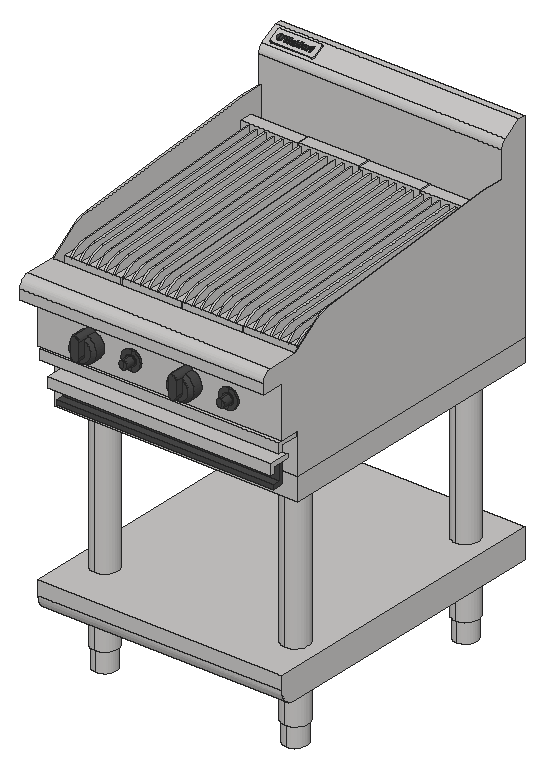
Revit family "QF_MOFFAT WALDORF_CH8600G-LS", category Specialty Equipment, Revit 2012
Parameters
  Weight in Pounds = 0
  URL Cutsheet = "www.moffat.com"
  URL = "www.moffat.com"
  Type Mark [instance] = ""
  Status [instance] = ""
  Specification by User [instance] = ""
  Specification by Manufacturer = ""
  Show Logo [instance] = yes
  Serial Number = ""
  Seismic Rating = ""
  SMACNA No = ""
  Revision Code [instance] = ""
  Omniclass Number and Title = ""
  NAFEM Spec ID Number = ""
  Model = "CH8600G-LS"
  Mechanical Remarks [instance] = ""
  Mechanical Connection Type [instance] = ""
  Masterspec = ""
  Manufacturer = "MOFFAT WALDORF"
  Item Number [instance] = ""
  Installed By [instance] = ""
  Identify Quantity as Lot [instance] = yes
  Gas Size = 3/4"
  Gas RI Height [instance] = 0 mm
  Gas KW [instance] = 18.3
  Gas Input [instance] = 62556.0 Btu/h
  Gas Connection Height = 0 mm
  Furnished By [instance] = ""
  Foodservice Equipment Identifier [instance] = yes
  Description = "CHARGRILL ON LEG STAND"
  CSI MasterFormat = ""
  CSI Master Format = ""
  Body Finish = QF_Finishes_Stainless Steel
Reference planes
  plane 1 "BACK": y = 0
  plane 2: z = 0
  plane 3 "LEFT": x = 0
  plane 4 "RIGHT": x = 600
  plane 5 "FRONT": y = -805
  plane 6 "TOP": z = 1130
  plane 7 "Center Y": x = 300
  plane 8 "Center X": y = -402.5
Forms (mm)
  Extrusion 1, solid, material "QF_Finishes_Stainless Steel" <- "Body Finish"
    sketch origin (0, 0, 0) x (0, 1, 0) y (0, 0, 1)
      loop
        line (0, 222.5) -> (-749, 222.5) -> (-749, 188)
        arc (-749, 188) -> (-737.87, 161.13) -> (-711, 150) r 38
        line (-711, 150) -> (0, 150) -> (0, 222.5)
      loop
        line (-805, 891) -> (-805, 866) -> (-749, 866) -> (-749, 740) -> (-699, 740) -> (-699, 640) -> (0, 640) -> (0, 1130) -> (-16.5, 1130) -> (-58.709, 1105.631)
        arc (-58.709, 1105.631) -> (-66.975, 1097.365) -> (-70, 1086.074) r 22.582
        line (-70, 1086.074) -> (-70, 875) -> (-705, 875) -> (-705, 915) -> (-781, 915)
        arc (-781, 915) -> (-797.971, 907.971) -> (-805, 891) r 24
      loop
        line (0, 585) -> (0, 639.206) -> (-699, 639.206) -> (-699, 585) -> (0, 585)
    from 0 to 600
  Revolve 2, solid, material "QF_Finishes_Stainless Steel" <- "Body Finish"
    sketch origin (535, -735, 0) x (0, 1, 0) y (0, 0, -1)
      loop
        line (78.25, -150) -> (110, -150) -> (110, 0) -> (82.5, 0) -> (82.5, -50) -> (78.25, -50) -> (78.25, -150)
      loop
        line (78.25, -222.5) -> (78.25, -585) -> (110, -585) -> (110, -222.5) -> (78.25, -222.5)
      axis (110, -585) -> (110, 0)
    angle from 0 to 360
  Revolve 3, solid, material "QF_Finishes_Stainless Steel" <- "Body Finish"
    sketch origin (535, -210, 0) x (0, 1, 0) y (0, 0, -1)
      loop
        line (78.25, -150) -> (110, -150) -> (110, 0) -> (82.5, 0) -> (82.5, -50) -> (78.25, -50) -> (78.25, -150)
      loop
        line (78.25, -222.5) -> (78.25, -585) -> (110, -585) -> (110, -222.5) -> (78.25, -222.5)
      axis (110, -585) -> (110, 0)
    angle from 0 to 360
  Revolve 4, solid, material "QF_Finishes_Stainless Steel" <- "Body Finish"
    sketch origin (65, -735, 0) x (0, 1, 0) y (0, 0, 1)
      loop
        line (78.25, 150) -> (78.25, 50) -> (82.5, 50) -> (82.5, 0) -> (110, 0) -> (110, 150) -> (78.25, 150)
      loop
        line (78.25, 222.5) -> (110, 222.5) -> (110, 585) -> (78.25, 585) -> (78.25, 222.5)
      axis (110, 585) -> (110, 0)
    angle from 0 to 360
  Revolve 5, solid, material "QF_Finishes_Stainless Steel" <- "Body Finish"
    sketch origin (65, -210, 0) x (0, 1, 0) y (0, 0, 1)
      loop
        line (78.25, 150) -> (78.25, 50) -> (82.5, 50) -> (82.5, 0) -> (110, 0) -> (110, 150) -> (78.25, 150)
      loop
        line (78.25, 222.5) -> (110, 222.5) -> (110, 585) -> (78.25, 585) -> (78.25, 222.5)
      axis (110, 585) -> (110, 0)
    angle from 0 to 360
  Extrusion 6, solid, material "QF_Finishes_Stainless Steel" <- "Body Finish"
    sketch origin (0, 0, 0) x (0, 1, 0) y (0, 0, 1)
      loop
        line (-121.455, 1019.2) -> (-600.057, 973.116)
        arc (-600.057, 973.116) -> (-620.977, 968.81) -> (-640.506, 960.159) r 100
        line (-640.506, 960.159) -> (-705, 915) -> (-705, 875) -> (-70, 875) -> (-70, 1019.2) -> (-121.455, 1019.2)
    from 0 to 4.5
  Extrusion 7, solid, material "QF_Finishes_Stainless Steel" <- "Body Finish"
    sketch origin (600, 0, 0) x (0, 1, 0) y (0, 0, -1)
      loop
        line (-121.455, -1019.2) -> (-70, -1019.2) -> (-70, -875) -> (-705, -875) -> (-705, -915) -> (-640.506, -960.159)
        arc (-640.506, -960.159) -> (-620.977, -968.81) -> (-600.057, -973.116) r 100
        line (-600.057, -973.116) -> (-121.455, -1019.2)
    from 0 to 3
  Revolve 8, solid, material "QF_Finishes_Black"
    sketch origin (138.112, 0, 0) x (0, 1, 0) y (0, 0, 1)
      loop
        line (-782, 829.5) -> (-793, 823.651) -> (-793, 797) -> (-749, 797) -> (-749, 802) -> (-759, 802) -> (-759, 829.5) -> (-782, 829.5)
      axis (-793, 797) -> (-749, 797)
    angle from 0 to 360
  Extrusion 9, solid, material "QF_Finishes_Black"
    sketch origin (0, 0, 0) x (1, 0, 0) y (0, 0, 1)
      loop
        line (148.3, 789) -> (148.3, 824)
        arc (148.3, 824) -> (138.3, 834) -> (128.3, 824) r 10
        line (128.3, 824) -> (128.3, 789)
        arc (128.3, 789) -> (138.3, 779) -> (148.3, 789) r 10
    from 759 to 808
  Revolve 10, solid, material "QF_Finishes_Black"
    sketch origin (378.544, 0, 0) x (0, 1, 0) y (0, 0, -1)
      loop
        line (-782, -829.5) -> (-759, -829.5) -> (-759, -802) -> (-749, -802) -> (-749, -797) -> (-793, -797) -> (-793, -823.651) -> (-782, -829.5)
      axis (-793, -797) -> (-749, -797)
    angle from 0 to 360
  Extrusion 11, solid, material "QF_Finishes_Black"
    sketch origin (516.656, 0, 0) x (-1, 0, 0) y (0, 0, -1)
      loop
        arc (148.3, -789) -> (138.3, -779) -> (128.3, -789) r 10
        line (128.3, -789) -> (128.3, -824)
        arc (128.3, -824) -> (138.3, -834) -> (148.3, -824) r 10
        line (148.3, -824) -> (148.3, -789)
    from 759 to 808
  Revolve 12, solid, material "QF_Finishes_Black"
    sketch origin (238.3, 0, 0) x (0, 1, 0) y (0, 0, 1)
      loop
        line (-759, 802) -> (-759, 821) -> (-761.705, 821) -> (-761.705, 809.85) -> (-762.85, 809.85) -> (-762.85, 806.825) -> (-784.88, 806.825) -> (-784.88, 797) -> (-749, 797) -> (-749, 802) -> (-759, 802)
      axis (-749, 797) -> (-784.88, 797)
    angle from 0 to 360
  Revolve 13, solid, material "QF_Finishes_Black"
    sketch origin (478.3, 0, 0) x (0, 1, 0) y (0, 0, 1)
      loop
        line (-759, 802) -> (-759, 821) -> (-761.705, 821) -> (-761.705, 809.85) -> (-762.85, 809.85) -> (-762.85, 806.825) -> (-784.88, 806.825) -> (-784.88, 797) -> (-749, 797) -> (-749, 802) -> (-759, 802)
      axis (-749, 797) -> (-784.88, 797)
    angle from 0 to 360
  Extrusion 14, solid, material "QF_Finishes_Stainless Steel"
    sketch origin (276, 0, 0) x (0, 1, 0) y (0, 0, 1)
      loop
        line (-132, 910.364) -> (-132, 962.849) -> (-630.852, 932.53)
        arc (-630.852, 932.53) -> (-656.098, 925.97) -> (-677, 910.364) r 67.81
        line (-677, 910.364) -> (-132, 910.364)
    from 0 to 4.5
  Extrusion 15, solid, material "QF_Finishes_Stainless Steel"
    sketch origin (255, 0, 0) x (0, 1, 0) y (0, 0, 1)
      loop
        line (-132, 910.364) -> (-132, 962.849) -> (-630.852, 932.53)
        arc (-630.852, 932.53) -> (-656.098, 925.97) -> (-677, 910.364) r 67.81
        line (-677, 910.364) -> (-132, 910.364)
    from 0 to 4.5
  Extrusion 16, solid, material "QF_Finishes_Stainless Steel"
    sketch origin (234, 0, 0) x (0, 1, 0) y (0, 0, 1)
      loop
        line (-132, 910.364) -> (-132, 962.849) -> (-630.852, 932.53)
        arc (-630.852, 932.53) -> (-656.098, 925.97) -> (-677, 910.364) r 67.81
        line (-677, 910.364) -> (-132, 910.364)
    from 0 to 4.5
  Extrusion 17, solid, material "QF_Finishes_Stainless Steel"
    sketch origin (213, 0, 0) x (0, 1, 0) y (0, 0, 1)
      loop
        line (-132, 910.364) -> (-132, 962.849) -> (-630.852, 932.53)
        arc (-630.852, 932.53) -> (-656.098, 925.97) -> (-677, 910.364) r 67.81
        line (-677, 910.364) -> (-132, 910.364)
    from 0 to 4.5
  Extrusion 18, solid, material "QF_Finishes_Stainless Steel"
    sketch origin (192, 0, 0) x (0, 1, 0) y (0, 0, 1)
      loop
        line (-132, 910.364) -> (-132, 962.849) -> (-630.852, 932.53)
        arc (-630.852, 932.53) -> (-656.098, 925.97) -> (-677, 910.364) r 67.81
        line (-677, 910.364) -> (-132, 910.364)
    from 0 to 4.5
  Extrusion 19, solid, material "QF_Finishes_Stainless Steel"
    sketch origin (171, 0, 0) x (0, 1, 0) y (0, 0, 1)
      loop
        line (-132, 910.364) -> (-132, 962.849) -> (-630.852, 932.53)
        arc (-630.852, 932.53) -> (-656.098, 925.97) -> (-677, 910.364) r 67.81
        line (-677, 910.364) -> (-132, 910.364)
    from 0 to 4.5
  Extrusion 20, solid, material "QF_Finishes_Stainless Steel"
    sketch origin (150, 0, 0) x (0, 1, 0) y (0, 0, 1)
      loop
        line (-132, 910.364) -> (-132, 962.849) -> (-630.852, 932.53)
        arc (-630.852, 932.53) -> (-656.098, 925.97) -> (-677, 910.364) r 67.81
        line (-677, 910.364) -> (-132, 910.364)
    from 0 to 4.5
  Extrusion 21, solid, material "QF_Finishes_Stainless Steel"
    sketch origin (126, 0, 0) x (0, 1, 0) y (0, 0, 1)
      loop
        line (-132, 910.364) -> (-132, 962.849) -> (-630.852, 932.53)
        arc (-630.852, 932.53) -> (-656.098, 925.97) -> (-677, 910.364) r 67.81
        line (-677, 910.364) -> (-132, 910.364)
    from 0 to 4.5
  Extrusion 22, solid, material "QF_Finishes_Stainless Steel"
    sketch origin (105, 0, 0) x (0, 1, 0) y (0, 0, 1)
      loop
        line (-132, 910.364) -> (-132, 962.849) -> (-630.852, 932.53)
        arc (-630.852, 932.53) -> (-656.098, 925.97) -> (-677, 910.364) r 67.81
        line (-677, 910.364) -> (-132, 910.364)
    from 0 to 4.5
  Extrusion 23, solid, material "QF_Finishes_Stainless Steel"
    sketch origin (84, 0, 0) x (0, 1, 0) y (0, 0, 1)
      loop
        line (-132, 910.364) -> (-132, 962.849) -> (-630.852, 932.53)
        arc (-630.852, 932.53) -> (-656.098, 925.97) -> (-677, 910.364) r 67.81
        line (-677, 910.364) -> (-132, 910.364)
    from 0 to 4.5
  Extrusion 24, solid, material "QF_Finishes_Stainless Steel"
    sketch origin (63, 0, 0) x (0, 1, 0) y (0, 0, 1)
      loop
        line (-132, 910.364) -> (-132, 962.849) -> (-630.852, 932.53)
        arc (-630.852, 932.53) -> (-656.098, 925.97) -> (-677, 910.364) r 67.81
        line (-677, 910.364) -> (-132, 910.364)
    from 0 to 4.5
  Extrusion 25, solid, material "QF_Finishes_Stainless Steel"
    sketch origin (42, 0, 0) x (0, 1, 0) y (0, 0, 1)
      loop
        line (-132, 910.364) -> (-132, 962.849) -> (-630.852, 932.53)
        arc (-630.852, 932.53) -> (-656.098, 925.97) -> (-677, 910.364) r 67.81
        line (-677, 910.364) -> (-132, 910.364)
    from 0 to 4.5
  Extrusion 26, solid, material "QF_Finishes_Stainless Steel"
    sketch origin (21, 0, 0) x (0, 1, 0) y (0, 0, 1)
      loop
        line (-132, 910.364) -> (-132, 962.849) -> (-630.852, 932.53)
        arc (-630.852, 932.53) -> (-656.098, 925.97) -> (-677, 910.364) r 67.81
        line (-677, 910.364) -> (-132, 910.364)
    from 0 to 4.5
  Extrusion 27, solid, material "QF_Finishes_Stainless Steel"
    sketch origin (426, 0, 0) x (0, 1, 0) y (0, 0, 1)
      loop
        line (-132, 910.364) -> (-132, 962.849) -> (-630.852, 932.53)
        arc (-630.852, 932.53) -> (-656.098, 925.97) -> (-677, 910.364) r 67.81
        line (-677, 910.364) -> (-132, 910.364)
    from 0 to 4.5
  Extrusion 28, solid, material "QF_Finishes_Stainless Steel"
    sketch origin (405, 0, 0) x (0, 1, 0) y (0, 0, 1)
      loop
        line (-132, 910.364) -> (-132, 962.849) -> (-630.852, 932.53)
        arc (-630.852, 932.53) -> (-656.098, 925.97) -> (-677, 910.364) r 67.81
        line (-677, 910.364) -> (-132, 910.364)
    from 0 to 4.5
  Extrusion 29, solid, material "QF_Finishes_Stainless Steel"
    sketch origin (384, 0, 0) x (0, 1, 0) y (0, 0, 1)
      loop
        line (-132, 910.364) -> (-132, 962.849) -> (-630.852, 932.53)
        arc (-630.852, 932.53) -> (-656.098, 925.97) -> (-677, 910.364) r 67.81
        line (-677, 910.364) -> (-132, 910.364)
    from 0 to 4.5
  Extrusion 30, solid, material "QF_Finishes_Stainless Steel"
    sketch origin (363, 0, 0) x (0, 1, 0) y (0, 0, 1)
      loop
        line (-132, 910.364) -> (-132, 962.849) -> (-630.852, 932.53)
        arc (-630.852, 932.53) -> (-656.098, 925.97) -> (-677, 910.364) r 67.81
        line (-677, 910.364) -> (-132, 910.364)
    from 0 to 4.5
  Extrusion 31, solid, material "QF_Finishes_Stainless Steel"
    sketch origin (342, 0, 0) x (0, 1, 0) y (0, 0, 1)
      loop
        line (-132, 910.364) -> (-132, 962.849) -> (-630.852, 932.53)
        arc (-630.852, 932.53) -> (-656.098, 925.97) -> (-677, 910.364) r 67.81
        line (-677, 910.364) -> (-132, 910.364)
    from 0 to 4.5
  Extrusion 32, solid, material "QF_Finishes_Stainless Steel"
    sketch origin (321, 0, 0) x (0, 1, 0) y (0, 0, 1)
      loop
        line (-132, 910.364) -> (-132, 962.849) -> (-630.852, 932.53)
        arc (-630.852, 932.53) -> (-656.098, 925.97) -> (-677, 910.364) r 67.81
        line (-677, 910.364) -> (-132, 910.364)
    from 0 to 4.5
  Extrusion 33, solid, material "QF_Finishes_Stainless Steel"
    sketch origin (300, 0, 0) x (0, 1, 0) y (0, 0, 1)
      loop
        line (-132, 910.364) -> (-132, 962.849) -> (-630.852, 932.53)
        arc (-630.852, 932.53) -> (-656.098, 925.97) -> (-677, 910.364) r 67.81
        line (-677, 910.364) -> (-132, 910.364)
    from 0 to 4.5
  Extrusion 34, solid, material "QF_Finishes_Stainless Steel"
    sketch origin (576, 0, 0) x (0, 1, 0) y (0, 0, 1)
      loop
        line (-132, 910.364) -> (-132, 962.849) -> (-630.852, 932.53)
        arc (-630.852, 932.53) -> (-656.098, 925.97) -> (-677, 910.364) r 67.81
        line (-677, 910.364) -> (-132, 910.364)
    from 0 to 4.5
  Extrusion 35, solid, material "QF_Finishes_Stainless Steel"
    sketch origin (555, 0, 0) x (0, 1, 0) y (0, 0, 1)
      loop
        line (-132, 910.364) -> (-132, 962.849) -> (-630.852, 932.53)
        arc (-630.852, 932.53) -> (-656.098, 925.97) -> (-677, 910.364) r 67.81
        line (-677, 910.364) -> (-132, 910.364)
    from 0 to 4.5
  Extrusion 36, solid, material "QF_Finishes_Stainless Steel"
    sketch origin (534, 0, 0) x (0, 1, 0) y (0, 0, 1)
      loop
        line (-132, 910.364) -> (-132, 962.849) -> (-630.852, 932.53)
        arc (-630.852, 932.53) -> (-656.098, 925.97) -> (-677, 910.364) r 67.81
        line (-677, 910.364) -> (-132, 910.364)
    from 0 to 4.5
  Extrusion 37, solid, material "QF_Finishes_Stainless Steel"
    sketch origin (513, 0, 0) x (0, 1, 0) y (0, 0, 1)
      loop
        line (-132, 910.364) -> (-132, 962.849) -> (-630.852, 932.53)
        arc (-630.852, 932.53) -> (-656.098, 925.97) -> (-677, 910.364) r 67.81
        line (-677, 910.364) -> (-132, 910.364)
    from 0 to 4.5
  Extrusion 38, solid, material "QF_Finishes_Stainless Steel"
    sketch origin (492, 0, 0) x (0, 1, 0) y (0, 0, 1)
      loop
        line (-132, 910.364) -> (-132, 962.849) -> (-630.852, 932.53)
        arc (-630.852, 932.53) -> (-656.098, 925.97) -> (-677, 910.364) r 67.81
        line (-677, 910.364) -> (-132, 910.364)
    from 0 to 4.5
  Extrusion 39, solid, material "QF_Finishes_Stainless Steel"
    sketch origin (471, 0, 0) x (0, 1, 0) y (0, 0, 1)
      loop
        line (-132, 910.364) -> (-132, 962.849) -> (-630.852, 932.53)
        arc (-630.852, 932.53) -> (-656.098, 925.97) -> (-677, 910.364) r 67.81
        line (-677, 910.364) -> (-132, 910.364)
    from 0 to 4.5
  Extrusion 40, solid, material "QF_Finishes_Stainless Steel"
    sketch origin (450, 0, 0) x (0, 1, 0) y (0, 0, 1)
      loop
        line (-132, 910.364) -> (-132, 962.849) -> (-630.852, 932.53)
        arc (-630.852, 932.53) -> (-656.098, 925.97) -> (-677, 910.364) r 67.81
        line (-677, 910.364) -> (-132, 910.364)
    from 0 to 4.5
  Extrusion 41, solid, material "QF_Finishes_Stainless Steel"
    sketch origin (1, 3, 0) x (1, 0, 0) y (0, 1, 0)
      loop
        circle (215, -35) r 13.5
    from 555 to 585
  Extrusion 42, solid, material "QF_Finishes_Black"
    sketch origin (1, 0, 0) x (0, 1, 0) y (0, 0, 1)
      loop
        line (-704, 671.797) -> (-704, 618.047) -> (-724, 618.047) -> (-724, 608.047) -> (-685.346, 608.047) -> (-685.346, 671.797) -> (-704, 671.797)
    from 24.12 to 559
  Extrusion 43, solid, material "QF_Finishes_Stainless Steel"
    sketch origin (0, 0, 0) x (0, 1, 0) y (0, 0, 1)
      loop
        line (-751.27, 711.219) -> (-741.27, 711.219) -> (-741.27, 726.219) -> (-699, 726.219) -> (-699, 736.219) -> (-751.27, 736.219) -> (-751.27, 711.219)
    from 5.013 to 595
  Extrusion 44, solid, material "QF_Finishes_Stainless Steel"
    sketch origin (0, 0, -54.422) x (0, 1, 0) y (0, 0, 1)
      loop
        line (-751.27, 711.219) -> (-741.27, 711.219) -> (-741.27, 726.219) -> (-685.346, 726.219) -> (-685.346, 736.219) -> (-751.27, 736.219) -> (-751.27, 711.219)
    from 25.12 to 575.007
  Extrusion 45, solid, material "QF_Finishes_Stainless Steel"
    sketch origin (0, 0, 0) x (0, 1, 0) y (0, 0, 1)
      loop
        line (-132, 910.364) -> (-677, 910.364) -> (-677, 875) -> (-102, 875) -> (-102, 970) -> (-132, 970) -> (-132, 910.364)
    from 4.5 to 147
  Extrusion 46, solid, material "QF_Finishes_Stainless Steel"
    sketch origin (145.5, 0, 0) x (0, 1, 0) y (0, 0, 1)
      loop
        line (-132, 910.364) -> (-677, 910.364) -> (-677, 875) -> (-102, 875) -> (-102, 970) -> (-132, 970) -> (-132, 910.364)
    from 4.5 to 151.5
  Extrusion 47, solid, material "QF_Finishes_Stainless Steel"
    sketch origin (295.5, 0, 0) x (0, 1, 0) y (0, 0, 1)
      loop
        line (-132, 910.364) -> (-677, 910.364) -> (-677, 875) -> (-102, 875) -> (-102, 970) -> (-132, 970) -> (-132, 910.364)
    from 4.5 to 151.5
  Extrusion 48, solid, material "QF_Finishes_Stainless Steel"
    sketch origin (445.5, 0, 0) x (0, 1, 0) y (0, 0, 1)
      loop
        line (-132, 910.364) -> (-677, 910.364) -> (-677, 875) -> (-102, 875) -> (-102, 970) -> (-132, 970) -> (-132, 910.364)
    from 4.5 to 151.5
Cuts and joins
  joined: Revolve 8, Extrusion 9
  joined: Revolve 10, Extrusion 11
  joined: Extrusion 1, Extrusion 6, Extrusion 7
Lines and regions (mm)
  Split face 1
    outline origin (0, -16.5, 1130) x (0, -0.866025, -0.5) y (1, 0, 0)
      loop
        line (1.962, 129.583) -> (34.599, 129.583) -> (34.599, 149.583) -> (1.962, 149.583) -> (1.962, 129.583)
  Split face 2
    outline origin (0, -16.5, 1130) x (0, -0.866025, -0.5) y (1, 0, 0)
      loop
        line (34.599, 156.5) -> (34.599, 176.5) -> (1.962, 176.5) -> (1.962, 156.5) -> (34.599, 156.5)
  Split face 3
    outline origin (0, -16.5, 1130) x (0, -0.866025, -0.5) y (1, 0, 0)
      loop
        line (34.599, 203.5) -> (1.962, 203.5) -> (1.962, 183.5) -> (34.599, 183.5) -> (34.599, 203.5)
  Split face 4
    outline origin (0, -16.5, 1130) x (0, -0.866025, -0.5) y (1, 0, 0)
      loop
        line (34.599, 230.5) -> (1.962, 230.5) -> (1.962, 210.5) -> (34.599, 210.5) -> (34.599, 230.5)
  Split face 5
    outline origin (0, -16.5, 1130) x (0, -0.866025, -0.5) y (1, 0, 0)
      loop
        line (34.599, 257.5) -> (1.962, 257.5) -> (1.962, 237.5) -> (34.599, 237.5) -> (34.599, 257.5)
  Split face 6
    outline origin (0, -16.5, 1130) x (0, -0.866025, -0.5) y (1, 0, 0)
      loop
        line (34.599, 264.5) -> (34.599, 284.5) -> (1.962, 284.5) -> (1.962, 264.5) -> (34.599, 264.5)
  Split face 7
    outline origin (0, -16.5, 1130) x (0, -0.866025, -0.5) y (1, 0, 0)
      loop
        line (34.599, 311.5) -> (1.962, 311.5) -> (1.962, 291.5) -> (34.599, 291.5) -> (34.599, 311.5)
  Split face 8
    outline origin (0, -16.5, 1130) x (0, -0.866025, -0.5) y (1, 0, 0)
      loop
        line (1.962, 338.5) -> (1.962, 318.5) -> (34.599, 318.5) -> (34.599, 338.5) -> (1.962, 338.5)
  Split face 9
    outline origin (0, -16.5, 1130) x (0, -0.866025, -0.5) y (1, 0, 0)
      loop
        line (1.962, 345.5) -> (34.599, 345.5) -> (34.599, 365.5) -> (1.962, 365.5) -> (1.962, 345.5)
  Split face 10
    outline origin (0, -16.5, 1130) x (0, -0.866025, -0.5) y (1, 0, 0)
      loop
        line (34.599, 372.5) -> (34.599, 392.5) -> (1.962, 392.5) -> (1.962, 372.5) -> (34.599, 372.5)
  Split face 11
    outline origin (0, -16.5, 1130) x (0, -0.866025, -0.5) y (1, 0, 0)
      loop
        line (34.599, 399.5) -> (34.599, 419.5) -> (1.962, 419.5) -> (1.962, 399.5) -> (34.599, 399.5)
  Split face 12
    outline origin (0, -16.5, 1130) x (0, -0.866025, -0.5) y (1, 0, 0)
      loop
        line (34.599, 426.5) -> (34.599, 446.5) -> (1.962, 446.5) -> (1.962, 426.5) -> (34.599, 426.5)
  Split face 13
    outline origin (0, -16.5, 1130) x (0, -0.866025, -0.5) y (1, 0, 0)
      loop
        line (1.962, 453.5) -> (34.599, 453.5) -> (34.599, 473.5) -> (1.962, 473.5) -> (1.962, 453.5)
  Split face 14
    outline origin (600, -699, 740) x (-1, 0, 0) y (0, 0, -1)
      loop
        line (574.88, 98.75) -> (24.993, 98.75) -> (24.993, 1.25) -> (574.88, 1.25) -> (574.88, 98.75)
  symbolic lines
    curve 1: line (0, 0, 0) -> (0, -805, 0)
    curve 2: line (600, 0, 0) -> (0, 0, 0)
    curve 3: line (600, -805, 0) -> (600, 0, 0)
    curve 4: line (0, -70, 0) -> (600, -70, 0)
    curve 5: line (0, -805, 0) -> (600, -805, 0)
    curve 6: line (12.5, -51.234, 0) -> (12.5, -20.958, 0)
    curve 7: line (12.5, -20.958, 0) -> (121.5, -20.958, 0)
    curve 8: line (12.5, -51.234, 0) -> (121.5, -51.234, 0)
    curve 9: line (121.5, -20.958, 0) -> (121.5, -51.234, 0)
    curve 10: line (129.583, -22.262, 0) -> (129.583, -50.526, 0)
    curve 11: line (129.583, -50.526, 0) -> (149.583, -50.526, 0)
    curve 12: line (149.583, -50.526, 0) -> (149.583, -22.262, 0)
    curve 13: line (149.583, -22.262, 0) -> (129.583, -22.262, 0)
    curve 14: line (156.5, -22.262, 0) -> (156.5, -50.526, 0)
    curve 15: line (156.5, -50.526, 0) -> (176.5, -50.526, 0)
    curve 16: line (176.5, -50.526, 0) -> (176.5, -22.262, 0)
    curve 17: line (176.5, -22.262, 0) -> (156.5, -22.262, 0)
    curve 18: line (183.5, -22.262, 0) -> (183.5, -50.526, 0)
    curve 19: line (183.5, -50.526, 0) -> (203.5, -50.526, 0)
    curve 20: line (203.5, -50.526, 0) -> (203.5, -22.262, 0)
    curve 21: line (203.5, -22.262, 0) -> (183.5, -22.262, 0)
    curve 22: line (210.5, -22.262, 0) -> (210.5, -50.526, 0)
    curve 23: line (210.5, -50.526, 0) -> (230.5, -50.526, 0)
    curve 24: line (230.5, -50.526, 0) -> (230.5, -22.262, 0)
    curve 25: line (230.5, -22.262, 0) -> (210.5, -22.262, 0)
    curve 26: line (237.5, -22.262, 0) -> (237.5, -50.526, 0)
    curve 27: line (237.5, -50.526, 0) -> (257.5, -50.526, 0)
    curve 28: line (257.5, -50.526, 0) -> (257.5, -22.262, 0)
    curve 29: line (257.5, -22.262, 0) -> (237.5, -22.262, 0)
    curve 30: line (264.5, -22.262, 0) -> (264.5, -50.526, 0)
    curve 31: line (264.5, -50.526, 0) -> (284.5, -50.526, 0)
    curve 32: line (284.5, -50.526, 0) -> (284.5, -22.262, 0)
    curve 33: line (284.5, -22.262, 0) -> (264.5, -22.262, 0)
    curve 34: line (291.5, -22.262, 0) -> (291.5, -50.526, 0)
    curve 35: line (291.5, -50.526, 0) -> (311.5, -50.526, 0)
    curve 36: line (311.5, -50.526, 0) -> (311.5, -22.262, 0)
    curve 37: line (311.5, -22.262, 0) -> (291.5, -22.262, 0)
    curve 38: line (318.5, -22.262, 0) -> (318.5, -50.526, 0)
    curve 39: line (318.5, -50.526, 0) -> (338.5, -50.526, 0)
    curve 40: line (338.5, -50.526, 0) -> (338.5, -22.262, 0)
    curve 41: line (338.5, -22.262, 0) -> (318.5, -22.262, 0)
    curve 42: line (345.5, -22.262, 0) -> (345.5, -50.526, 0)
    curve 43: line (345.5, -50.526, 0) -> (365.5, -50.526, 0)
    curve 44: line (365.5, -50.526, 0) -> (365.5, -22.262, 0)
    curve 45: line (365.5, -22.262, 0) -> (345.5, -22.262, 0)
    curve 46: line (372.5, -22.262, 0) -> (372.5, -50.526, 0)
    curve 47: line (372.5, -50.526, 0) -> (392.5, -50.526, 0)
    curve 48: line (392.5, -50.526, 0) -> (392.5, -22.262, 0)
    curve 49: line (392.5, -22.262, 0) -> (372.5, -22.262, 0)
    curve 50: line (399.5, -22.262, 0) -> (399.5, -50.526, 0)
    curve 51: line (399.5, -50.526, 0) -> (419.5, -50.526, 0)
    curve 52: line (419.5, -50.526, 0) -> (419.5, -22.262, 0)
    curve 53: line (419.5, -22.262, 0) -> (399.5, -22.262, 0)
    curve 54: line (426.5, -22.262, 0) -> (426.5, -50.526, 0)
    curve 55: line (426.5, -50.526, 0) -> (446.5, -50.526, 0)
    curve 56: line (446.5, -50.526, 0) -> (446.5, -22.262, 0)
    curve 57: line (446.5, -22.262, 0) -> (426.5, -22.262, 0)
    curve 58: line (453.5, -22.262, 0) -> (453.5, -50.526, 0)
    curve 59: line (453.5, -50.526, 0) -> (473.5, -50.526, 0)
    curve 60: line (473.5, -50.526, 0) -> (473.5, -22.262, 0)
    curve 61: line (473.5, -22.262, 0) -> (453.5, -22.262, 0)
    curve 62: line (600, -705, 0) -> (0, -705, 0)
    curve 63: line (4.5, -705, 0) -> (4.5, -70, 0)
    curve 64: line (597, -70, 0) -> (597, -705, 0)
Dimensions and locks
  equal spacing: plane 3 "LEFT", plane 7 "Center Y", plane 4 "RIGHT"
  plane 3 "LEFT" to plane 4 "RIGHT" = 600 mm
  equal spacing: plane 5 "FRONT", plane 8 "Center X", plane 1 "BACK"
  plane 5 "FRONT" to plane 1 "BACK" = 805 mm  (x2)
  equal spacing: plane 4 "RIGHT", plane 7 "Center Y", plane 3 "LEFT"
  plane 4 "RIGHT" to plane 3 "LEFT" = 600 mm
  plane 6 "TOP" to level = 1130 mm
  cut or joined group of Extrusion 1, Extrusion 6, Extrusion 7 to level = 915 mm
  Extrusion 41 to level = 555 mm
  cut or joined group of Extrusion 1, Extrusion 6, Extrusion 7 to level = 150 mm
  Extrusion 41 to plane 1 "BACK" = 32 mm
  cut or joined group of Extrusion 1, Extrusion 6, Extrusion 7 to plane 1 "BACK" = 70 mm
  aligned and locked: level to plane 2
  aligned and locked: curve 3 to plane 4 "RIGHT"
  aligned and locked: Extrusion 42 to Extrusion 44
Automatic sketch dimensions
  Extrusion 1 sketch curve to plane 5 "FRONT" = 0 mm
  Extrusion 1 sketch curve to plane 6 "TOP" = 0 mm
  Extrusion 1 sketch curve to plane 1 "BACK" = 0 mm  (x3)
  Extrusion 1 sketch curve to Extrusion 1 sketch curve = 24 mm
  Extrusion 1 sketch curve to plane 5 "FRONT" = 56 mm  (x2)
  Extrusion 1 sketch curve to Extrusion 1 sketch curve = 38 mm
  Extrusion 1 sketch curve to Extrusion 1 sketch curve = 44 mm
  Extrusion 1 sketch curve to Extrusion 1 sketch curve = 50 mm
  Extrusion 1 sketch curve to Extrusion 1 sketch curve = 0 mm
  plane 1 "BACK" to Extrusion 1 sketch curve = 70 mm
  Extrusion 1 sketch curve to Extrusion 1 sketch curve = 11.291 mm
  Extrusion 1 sketch curve to Extrusion 1 sketch curve = 22.582 mm
  plane 1 "BACK" to Extrusion 1 sketch curve = 16.5 mm
  Extrusion 1 sketch curve to plane 6 "TOP" = 24.369 mm
  Extrusion 1 sketch curve to plane 6 "TOP" = 215 mm
  Extrusion 1 sketch curve to Extrusion 1 sketch curve = 211.074 mm
  Extrusion 1 sketch curve to Extrusion 1 sketch curve = 25 mm
  Extrusion 1 sketch curve to Extrusion 1 sketch curve = 135 mm
  Extrusion 1 sketch curve to Extrusion 1 sketch curve = 100 mm
  Extrusion 1 sketch curve to Extrusion 1 sketch curve = 0.794 mm
  Extrusion 1 sketch curve to Extrusion 1 sketch curve = 54.206 mm
  level to Extrusion 1 sketch curve = 222.5 mm
  Extrusion 1 sketch curve to Extrusion 1 sketch curve = 34.5 mm
  Revolve 2 sketch curve to level = 0 mm
  Revolve 2 sketch curve to plane 5 "FRONT" = 148.25 mm
  Revolve 2 sketch curve to Revolve 2 sketch curve = 0 mm  (x3)
  Revolve 2 sketch curve to Revolve 2 sketch curve = 4.25 mm
  Revolve 2 sketch curve to Revolve 2 sketch curve = 31.75 mm  (x2)
  level to Revolve 2 sketch curve = 50 mm
  Revolve 2 sketch curve to Revolve 2 sketch curve = 100 mm
  Revolve 2 sketch curve to Revolve 2 sketch curve = 72.5 mm
  Revolve 2 sketch curve to Revolve 2 sketch curve = 362.5 mm
  Revolve 2 sketch curve to Revolve 2 sketch curve = 55 mm
  Extrusion 1 to Split face 1 sketch curve = 1.962 mm
  Split face 1 sketch curve to Extrusion 1 = 14.14 mm
  Split face 1 sketch curve to Extrusion 1 = 129.583 mm
  Split face 1 sketch curve to Split face 1 sketch curve = 20 mm
  Extrusion 1 to Split face 2 sketch curve = 1.962 mm
  Split face 2 sketch curve to Extrusion 1 = 14.14 mm
  Split face 2 sketch curve to Extrusion 1 = 156.5 mm
  Split face 2 sketch curve to Split face 2 sketch curve = 20 mm
  Extrusion 1 to Split face 3 sketch curve = 1.962 mm
  Split face 3 sketch curve to Extrusion 1 = 14.14 mm
  Split face 3 sketch curve to Extrusion 1 = 183.5 mm
  Split face 3 sketch curve to Split face 3 sketch curve = 20 mm
  Extrusion 1 to Split face 4 sketch curve = 1.962 mm
  Split face 4 sketch curve to Extrusion 1 = 14.14 mm
  Split face 4 sketch curve to Extrusion 1 = 210.5 mm
  Split face 4 sketch curve to Split face 4 sketch curve = 20 mm
  Extrusion 1 to Split face 5 sketch curve = 1.962 mm
  Split face 5 sketch curve to Extrusion 1 = 14.14 mm
  Split face 5 sketch curve to Extrusion 1 = 237.5 mm
  Split face 5 sketch curve to Split face 5 sketch curve = 20 mm
  Extrusion 1 to Split face 6 sketch curve = 1.962 mm
  Split face 6 sketch curve to Extrusion 1 = 14.14 mm
  Split face 6 sketch curve to Extrusion 1 = 264.5 mm
  Split face 6 sketch curve to Split face 6 sketch curve = 20 mm
  Extrusion 1 to Split face 7 sketch curve = 1.962 mm
  Split face 7 sketch curve to Extrusion 1 = 14.14 mm
  Split face 7 sketch curve to Extrusion 1 = 291.5 mm
  Split face 7 sketch curve to Split face 7 sketch curve = 20 mm
  Extrusion 1 to Split face 8 sketch curve = 1.962 mm
  Split face 8 sketch curve to Extrusion 1 = 14.14 mm
  Split face 8 sketch curve to Extrusion 1 = 281.5 mm
  Split face 8 sketch curve to Split face 8 sketch curve = 20 mm
  Extrusion 1 to Split face 9 sketch curve = 1.962 mm
  Split face 9 sketch curve to Extrusion 1 = 14.14 mm
  Split face 9 sketch curve to Extrusion 1 = 254.5 mm
  Split face 9 sketch curve to Split face 9 sketch curve = 20 mm
  Extrusion 1 to Split face 10 sketch curve = 1.962 mm
  Split face 10 sketch curve to Extrusion 1 = 14.14 mm
  Split face 10 sketch curve to Extrusion 1 = 227.5 mm
  Split face 10 sketch curve to Split face 10 sketch curve = 20 mm
  Extrusion 1 to Split face 11 sketch curve = 1.962 mm
  Split face 11 sketch curve to Extrusion 1 = 14.14 mm
  Split face 11 sketch curve to Extrusion 1 = 200.5 mm
  Split face 11 sketch curve to Split face 11 sketch curve = 20 mm
  Extrusion 1 to Split face 12 sketch curve = 1.962 mm
  Split face 12 sketch curve to Extrusion 1 = 14.14 mm
  Split face 12 sketch curve to Extrusion 1 = 173.5 mm
  Split face 12 sketch curve to Split face 12 sketch curve = 20 mm
  Extrusion 1 to Split face 13 sketch curve = 1.962 mm
  Split face 13 sketch curve to Extrusion 1 = 14.14 mm
  Split face 13 sketch curve to Extrusion 1 = 146.5 mm
  Split face 13 sketch curve to Split face 13 sketch curve = 20 mm
  Revolve 3 sketch curve to level = 0 mm
  plane 1 "BACK" to Revolve 3 sketch curve = 131.75 mm
  Revolve 3 sketch curve to Revolve 3 sketch curve = 0 mm  (x3)
  Revolve 3 sketch curve to Revolve 3 sketch curve = 4.25 mm
  Revolve 3 sketch curve to Revolve 3 sketch curve = 31.75 mm  (x2)
  level to Revolve 3 sketch curve = 50 mm
  Revolve 3 sketch curve to Revolve 3 sketch curve = 100 mm
  Revolve 3 sketch curve to Revolve 3 sketch curve = 72.5 mm
  Revolve 3 sketch curve to Revolve 3 sketch curve = 362.5 mm
  Revolve 3 sketch curve to Revolve 3 sketch curve = 55 mm
  Revolve 4 sketch curve to level = 0 mm
  Revolve 4 sketch curve to plane 5 "FRONT" = 148.25 mm
  Revolve 4 sketch curve to Revolve 4 sketch curve = 0 mm  (x3)
  Revolve 4 sketch curve to Revolve 4 sketch curve = 4.25 mm
  Revolve 4 sketch curve to Revolve 4 sketch curve = 31.75 mm  (x2)
  Revolve 4 sketch curve to Revolve 4 sketch curve = 55 mm
  level to Revolve 4 sketch curve = 50 mm
  Revolve 4 sketch curve to Revolve 4 sketch curve = 100 mm
  Revolve 4 sketch curve to Revolve 4 sketch curve = 72.5 mm
  Revolve 4 sketch curve to Revolve 4 sketch curve = 362.5 mm
  Revolve 5 sketch curve to level = 0 mm
  plane 1 "BACK" to Revolve 5 sketch curve = 131.75 mm
  Revolve 5 sketch curve to Revolve 5 sketch curve = 0 mm  (x3)
  Revolve 5 sketch curve to Revolve 5 sketch curve = 4.25 mm
  Revolve 5 sketch curve to Revolve 5 sketch curve = 31.75 mm  (x2)
  Revolve 5 sketch curve to Revolve 5 sketch curve = 55 mm
  level to Revolve 5 sketch curve = 50 mm
  Revolve 5 sketch curve to Revolve 5 sketch curve = 100 mm
  Revolve 5 sketch curve to Revolve 5 sketch curve = 72.5 mm
  Revolve 5 sketch curve to Revolve 5 sketch curve = 362.5 mm
  Extrusion 6 sketch curve to plane 5 "FRONT" = 100 mm
  Extrusion 6 sketch curve to Extrusion 6 sketch curve = 64.494 mm
  Extrusion 6 sketch curve to Extrusion 6 sketch curve = 40.449 mm
  Extrusion 6 sketch curve to Extrusion 6 sketch curve = 9.585 mm
  plane 1 "BACK" to Extrusion 6 sketch curve = 121.455 mm
  Extrusion 6 sketch curve to Extrusion 6 sketch curve = 51.455 mm
  Extrusion 6 sketch curve to plane 6 "TOP" = 256.424 mm
  Extrusion 6 sketch curve to Extrusion 6 sketch curve = 1.424 mm
  Extrusion 6 sketch curve to Extrusion 6 sketch curve = 40 mm
  Extrusion 6 sketch curve to Extrusion 6 sketch curve = 45.159 mm
  Extrusion 6 sketch curve to plane 6 "TOP" = 110.8 mm
  Extrusion 7 sketch curve to plane 5 "FRONT" = 100 mm
  Extrusion 7 sketch curve to Extrusion 7 sketch curve = 64.494 mm
  Extrusion 7 sketch curve to Extrusion 7 sketch curve = 40.449 mm
  Extrusion 7 sketch curve to Extrusion 7 sketch curve = 9.585 mm
  plane 1 "BACK" to Extrusion 7 sketch curve = 121.455 mm
  Extrusion 7 sketch curve to Extrusion 7 sketch curve = 51.455 mm
  Extrusion 7 sketch curve to plane 6 "TOP" = 110.8 mm
  Extrusion 7 sketch curve to plane 6 "TOP" = 156.884 mm
  Extrusion 7 sketch curve to Extrusion 7 sketch curve = 12.957 mm
  Extrusion 7 sketch curve to Extrusion 7 sketch curve = 45.159 mm
  Extrusion 7 sketch curve to Extrusion 7 sketch curve = 40 mm
  Revolve 8 sketch curve to plane 5 "FRONT" = 12 mm
  Revolve 8 sketch curve to Revolve 8 sketch curve = 0 mm  (x2)
  Revolve 8 sketch curve to Revolve 8 sketch curve = 11 mm
  Revolve 8 sketch curve to Revolve 8 sketch curve = 12.7 mm
  Revolve 8 sketch curve to Revolve 8 sketch curve = 23 mm
  Revolve 8 sketch curve to Revolve 8 sketch curve = 10 mm
  Revolve 8 sketch curve to plane 6 "TOP" = 333 mm
  Revolve 8 sketch curve to Revolve 8 sketch curve = 5 mm
  Revolve 8 sketch curve to Revolve 8 sketch curve = 26.651 mm
  Revolve 8 sketch curve to Revolve 8 sketch curve = 5.849 mm
  plane 3 "LEFT" to Extrusion 9 sketch curve = 128.3 mm
  Extrusion 9 sketch curve to Extrusion 9 sketch curve = 10 mm
  Extrusion 9 sketch curve to plane 6 "TOP" = 341 mm
  Extrusion 9 sketch curve to Extrusion 9 sketch curve = 35 mm
  Revolve 10 sketch curve to plane 5 "FRONT" = 12 mm
  Revolve 10 sketch curve to Revolve 10 sketch curve = 0 mm  (x2)
  Revolve 10 sketch curve to Revolve 10 sketch curve = 11 mm
  Revolve 10 sketch curve to Revolve 10 sketch curve = 12.7 mm
  Revolve 10 sketch curve to Revolve 10 sketch curve = 23 mm
  Revolve 10 sketch curve to Revolve 10 sketch curve = 10 mm
  Revolve 10 sketch curve to plane 6 "TOP" = 300.5 mm
  Revolve 10 sketch curve to Revolve 10 sketch curve = 5.849 mm
  Revolve 10 sketch curve to Revolve 10 sketch curve = 27.5 mm
  Revolve 10 sketch curve to Revolve 10 sketch curve = 5 mm
  plane 7 "Center Y" to Extrusion 11 sketch curve = 88.356 mm
  Extrusion 11 sketch curve to Extrusion 11 sketch curve = 10 mm
  Extrusion 11 sketch curve to plane 6 "TOP" = 306 mm
  Extrusion 11 sketch curve to Extrusion 11 sketch curve = 35 mm
  Revolve 12 sketch curve to plane 5 "FRONT" = 20.12 mm
  Revolve 12 sketch curve to Revolve 12 sketch curve = 6.83 mm
  Revolve 12 sketch curve to Revolve 12 sketch curve = 15.2 mm
  Revolve 12 sketch curve to Revolve 12 sketch curve = 1.144 mm
  Revolve 12 sketch curve to Revolve 12 sketch curve = 3.85 mm
  Revolve 12 sketch curve to Revolve 12 sketch curve = 0 mm  (x2)
  Revolve 12 sketch curve to Revolve 12 sketch curve = 10 mm
  Revolve 12 sketch curve to plane 6 "TOP" = 333 mm
  Revolve 12 sketch curve to Revolve 12 sketch curve = 5 mm
  Revolve 12 sketch curve to Revolve 12 sketch curve = 4.825 mm
  Revolve 12 sketch curve to Revolve 12 sketch curve = 3.025 mm
  Revolve 12 sketch curve to Revolve 12 sketch curve = 11.15 mm
  Revolve 13 sketch curve to plane 5 "FRONT" = 20.12 mm
  Revolve 13 sketch curve to Revolve 13 sketch curve = 6.83 mm
  Revolve 13 sketch curve to Revolve 13 sketch curve = 15.2 mm
  Revolve 13 sketch curve to Revolve 13 sketch curve = 1.144 mm
  Revolve 13 sketch curve to Revolve 13 sketch curve = 3.85 mm
  Revolve 13 sketch curve to Revolve 13 sketch curve = 0 mm  (x2)
  Revolve 13 sketch curve to Revolve 13 sketch curve = 10 mm
  Revolve 13 sketch curve to plane 6 "TOP" = 333 mm
  Revolve 13 sketch curve to Revolve 13 sketch curve = 5 mm
  Revolve 13 sketch curve to Revolve 13 sketch curve = 4.825 mm
  Revolve 13 sketch curve to Revolve 13 sketch curve = 3.025 mm
  Revolve 13 sketch curve to Revolve 13 sketch curve = 11.15 mm
  Extrusion 14 sketch curve to plane 5 "FRONT" = 128 mm
  Extrusion 14 sketch curve to Extrusion 14 sketch curve = 46.148 mm
  Extrusion 14 sketch curve to Extrusion 14 sketch curve = 4.114 mm
  plane 1 "BACK" to Extrusion 14 sketch curve = 132 mm
  Extrusion 14 sketch curve to plane 6 "TOP" = 265.155 mm
  Extrusion 14 sketch curve to plane 6 "TOP" = 219.636 mm
  Extrusion 14 sketch curve to Extrusion 14 sketch curve = 52.486 mm
  Extrusion 15 sketch curve to plane 5 "FRONT" = 128 mm
  Extrusion 15 sketch curve to Extrusion 15 sketch curve = 46.148 mm
  Extrusion 15 sketch curve to Extrusion 15 sketch curve = 4.114 mm
  plane 1 "BACK" to Extrusion 15 sketch curve = 132 mm
  Extrusion 15 sketch curve to plane 6 "TOP" = 265.155 mm
  Extrusion 15 sketch curve to plane 6 "TOP" = 219.636 mm
  Extrusion 15 sketch curve to Extrusion 15 sketch curve = 52.486 mm
  Extrusion 16 sketch curve to plane 5 "FRONT" = 128 mm
  Extrusion 16 sketch curve to Extrusion 16 sketch curve = 46.148 mm
  Extrusion 16 sketch curve to Extrusion 16 sketch curve = 4.114 mm
  plane 1 "BACK" to Extrusion 16 sketch curve = 132 mm
  Extrusion 16 sketch curve to plane 6 "TOP" = 265.155 mm
  Extrusion 16 sketch curve to plane 6 "TOP" = 219.636 mm
  Extrusion 16 sketch curve to Extrusion 16 sketch curve = 52.486 mm
  Extrusion 17 sketch curve to plane 5 "FRONT" = 128 mm
  Extrusion 17 sketch curve to Extrusion 17 sketch curve = 46.148 mm
  Extrusion 17 sketch curve to Extrusion 17 sketch curve = 4.114 mm
  plane 1 "BACK" to Extrusion 17 sketch curve = 132 mm
  Extrusion 17 sketch curve to plane 6 "TOP" = 265.155 mm
  Extrusion 17 sketch curve to plane 6 "TOP" = 219.636 mm
  Extrusion 17 sketch curve to Extrusion 17 sketch curve = 52.486 mm
  Extrusion 18 sketch curve to plane 5 "FRONT" = 128 mm
  Extrusion 18 sketch curve to Extrusion 18 sketch curve = 46.148 mm
  Extrusion 18 sketch curve to Extrusion 18 sketch curve = 4.114 mm
  plane 1 "BACK" to Extrusion 18 sketch curve = 132 mm
  Extrusion 18 sketch curve to plane 6 "TOP" = 265.155 mm
  Extrusion 18 sketch curve to plane 6 "TOP" = 219.636 mm
  Extrusion 18 sketch curve to Extrusion 18 sketch curve = 52.486 mm
  Extrusion 19 sketch curve to plane 5 "FRONT" = 128 mm
  Extrusion 19 sketch curve to Extrusion 19 sketch curve = 46.148 mm
  Extrusion 19 sketch curve to Extrusion 19 sketch curve = 4.114 mm
  plane 1 "BACK" to Extrusion 19 sketch curve = 132 mm
  Extrusion 19 sketch curve to plane 6 "TOP" = 265.155 mm
  Extrusion 19 sketch curve to plane 6 "TOP" = 219.636 mm
  Extrusion 19 sketch curve to Extrusion 19 sketch curve = 52.486 mm
  Extrusion 20 sketch curve to plane 5 "FRONT" = 128 mm
  Extrusion 20 sketch curve to Extrusion 20 sketch curve = 46.148 mm
  Extrusion 20 sketch curve to Extrusion 20 sketch curve = 4.114 mm
  plane 1 "BACK" to Extrusion 20 sketch curve = 132 mm
  Extrusion 20 sketch curve to plane 6 "TOP" = 265.155 mm
  Extrusion 20 sketch curve to plane 6 "TOP" = 219.636 mm
  Extrusion 20 sketch curve to Extrusion 20 sketch curve = 52.486 mm
  Extrusion 21 sketch curve to plane 5 "FRONT" = 128 mm
  Extrusion 21 sketch curve to Extrusion 21 sketch curve = 46.148 mm
  Extrusion 21 sketch curve to Extrusion 21 sketch curve = 4.114 mm
  plane 1 "BACK" to Extrusion 21 sketch curve = 132 mm
  Extrusion 21 sketch curve to plane 6 "TOP" = 265.155 mm
  Extrusion 21 sketch curve to plane 6 "TOP" = 219.636 mm
  Extrusion 21 sketch curve to Extrusion 21 sketch curve = 52.486 mm
  Extrusion 22 sketch curve to plane 5 "FRONT" = 128 mm
  Extrusion 22 sketch curve to Extrusion 22 sketch curve = 46.148 mm
  Extrusion 22 sketch curve to Extrusion 22 sketch curve = 4.114 mm
  plane 1 "BACK" to Extrusion 22 sketch curve = 132 mm
  Extrusion 22 sketch curve to plane 6 "TOP" = 265.155 mm
  Extrusion 22 sketch curve to plane 6 "TOP" = 219.636 mm
  Extrusion 22 sketch curve to Extrusion 22 sketch curve = 52.486 mm
  Extrusion 23 sketch curve to plane 5 "FRONT" = 128 mm
  Extrusion 23 sketch curve to Extrusion 23 sketch curve = 46.148 mm
  Extrusion 23 sketch curve to Extrusion 23 sketch curve = 4.114 mm
  plane 1 "BACK" to Extrusion 23 sketch curve = 132 mm
  Extrusion 23 sketch curve to plane 6 "TOP" = 265.155 mm
  Extrusion 23 sketch curve to plane 6 "TOP" = 219.636 mm
  Extrusion 23 sketch curve to Extrusion 23 sketch curve = 52.486 mm
  Extrusion 24 sketch curve to plane 5 "FRONT" = 128 mm
  Extrusion 24 sketch curve to Extrusion 24 sketch curve = 46.148 mm
  Extrusion 24 sketch curve to Extrusion 24 sketch curve = 4.114 mm
  plane 1 "BACK" to Extrusion 24 sketch curve = 132 mm
  Extrusion 24 sketch curve to plane 6 "TOP" = 265.155 mm
  Extrusion 24 sketch curve to plane 6 "TOP" = 219.636 mm
  Extrusion 24 sketch curve to Extrusion 24 sketch curve = 52.486 mm
  Extrusion 25 sketch curve to plane 5 "FRONT" = 128 mm
  Extrusion 25 sketch curve to Extrusion 25 sketch curve = 46.148 mm
  Extrusion 25 sketch curve to Extrusion 25 sketch curve = 4.114 mm
  plane 1 "BACK" to Extrusion 25 sketch curve = 132 mm
  Extrusion 25 sketch curve to plane 6 "TOP" = 265.155 mm
  Extrusion 25 sketch curve to plane 6 "TOP" = 219.636 mm
  Extrusion 25 sketch curve to Extrusion 25 sketch curve = 52.486 mm
  Extrusion 26 sketch curve to plane 5 "FRONT" = 128 mm
  Extrusion 26 sketch curve to Extrusion 26 sketch curve = 46.148 mm
  Extrusion 26 sketch curve to Extrusion 26 sketch curve = 4.114 mm
  plane 1 "BACK" to Extrusion 26 sketch curve = 132 mm
  Extrusion 26 sketch curve to plane 6 "TOP" = 265.155 mm
  Extrusion 26 sketch curve to plane 6 "TOP" = 219.636 mm
  Extrusion 26 sketch curve to Extrusion 26 sketch curve = 52.486 mm
  Extrusion 27 sketch curve to plane 5 "FRONT" = 128 mm
  Extrusion 27 sketch curve to Extrusion 27 sketch curve = 46.148 mm
  Extrusion 27 sketch curve to Extrusion 27 sketch curve = 4.114 mm
  plane 1 "BACK" to Extrusion 27 sketch curve = 132 mm
  Extrusion 27 sketch curve to plane 6 "TOP" = 265.155 mm
  Extrusion 27 sketch curve to plane 6 "TOP" = 219.636 mm
  Extrusion 27 sketch curve to Extrusion 27 sketch curve = 52.486 mm
  Extrusion 28 sketch curve to plane 5 "FRONT" = 128 mm
  Extrusion 28 sketch curve to Extrusion 28 sketch curve = 46.148 mm
  Extrusion 28 sketch curve to Extrusion 28 sketch curve = 4.114 mm
  plane 1 "BACK" to Extrusion 28 sketch curve = 132 mm
  Extrusion 28 sketch curve to plane 6 "TOP" = 265.155 mm
  Extrusion 28 sketch curve to plane 6 "TOP" = 219.636 mm
  Extrusion 28 sketch curve to Extrusion 28 sketch curve = 52.486 mm
  Extrusion 29 sketch curve to plane 5 "FRONT" = 128 mm
  Extrusion 29 sketch curve to Extrusion 29 sketch curve = 46.148 mm
  Extrusion 29 sketch curve to Extrusion 29 sketch curve = 4.114 mm
  plane 1 "BACK" to Extrusion 29 sketch curve = 132 mm
  Extrusion 29 sketch curve to plane 6 "TOP" = 265.155 mm
  Extrusion 29 sketch curve to plane 6 "TOP" = 219.636 mm
  Extrusion 29 sketch curve to Extrusion 29 sketch curve = 52.486 mm
  Extrusion 30 sketch curve to plane 5 "FRONT" = 128 mm
  Extrusion 30 sketch curve to Extrusion 30 sketch curve = 46.148 mm
  Extrusion 30 sketch curve to Extrusion 30 sketch curve = 4.114 mm
  plane 1 "BACK" to Extrusion 30 sketch curve = 132 mm
  Extrusion 30 sketch curve to plane 6 "TOP" = 265.155 mm
  Extrusion 30 sketch curve to plane 6 "TOP" = 219.636 mm
  Extrusion 30 sketch curve to Extrusion 30 sketch curve = 52.486 mm
  Extrusion 31 sketch curve to plane 5 "FRONT" = 128 mm
  Extrusion 31 sketch curve to Extrusion 31 sketch curve = 46.148 mm
  Extrusion 31 sketch curve to Extrusion 31 sketch curve = 4.114 mm
  plane 1 "BACK" to Extrusion 31 sketch curve = 132 mm
  Extrusion 31 sketch curve to plane 6 "TOP" = 265.155 mm
  Extrusion 31 sketch curve to plane 6 "TOP" = 219.636 mm
  Extrusion 31 sketch curve to Extrusion 31 sketch curve = 52.486 mm
  Extrusion 32 sketch curve to plane 5 "FRONT" = 128 mm
  Extrusion 32 sketch curve to Extrusion 32 sketch curve = 46.148 mm
  Extrusion 32 sketch curve to Extrusion 32 sketch curve = 4.114 mm
  plane 1 "BACK" to Extrusion 32 sketch curve = 132 mm
  Extrusion 32 sketch curve to plane 6 "TOP" = 265.155 mm
  Extrusion 32 sketch curve to plane 6 "TOP" = 219.636 mm
  Extrusion 32 sketch curve to Extrusion 32 sketch curve = 52.486 mm
  Extrusion 33 sketch curve to plane 5 "FRONT" = 128 mm
  Extrusion 33 sketch curve to Extrusion 33 sketch curve = 46.148 mm
  Extrusion 33 sketch curve to Extrusion 33 sketch curve = 4.114 mm
  plane 1 "BACK" to Extrusion 33 sketch curve = 132 mm
  Extrusion 33 sketch curve to plane 6 "TOP" = 265.155 mm
  Extrusion 33 sketch curve to plane 6 "TOP" = 219.636 mm
  Extrusion 33 sketch curve to Extrusion 33 sketch curve = 52.486 mm
  Extrusion 34 sketch curve to plane 5 "FRONT" = 128 mm
  Extrusion 34 sketch curve to Extrusion 34 sketch curve = 46.148 mm
  Extrusion 34 sketch curve to Extrusion 34 sketch curve = 4.114 mm
  plane 1 "BACK" to Extrusion 34 sketch curve = 132 mm
  Extrusion 34 sketch curve to plane 6 "TOP" = 265.155 mm
  Extrusion 34 sketch curve to Extrusion 34 sketch curve = 45.518 mm
  Extrusion 34 sketch curve to Extrusion 34 sketch curve = 52.486 mm
  Extrusion 35 sketch curve to plane 5 "FRONT" = 128 mm
  Extrusion 35 sketch curve to Extrusion 35 sketch curve = 46.148 mm
  Extrusion 35 sketch curve to Extrusion 35 sketch curve = 4.114 mm
  plane 1 "BACK" to Extrusion 35 sketch curve = 132 mm
  Extrusion 35 sketch curve to plane 6 "TOP" = 265.155 mm
  Extrusion 35 sketch curve to plane 6 "TOP" = 219.636 mm
  Extrusion 35 sketch curve to Extrusion 35 sketch curve = 52.486 mm
  Extrusion 36 sketch curve to plane 5 "FRONT" = 128 mm
  Extrusion 36 sketch curve to Extrusion 36 sketch curve = 46.148 mm
  Extrusion 36 sketch curve to Extrusion 36 sketch curve = 4.114 mm
  plane 1 "BACK" to Extrusion 36 sketch curve = 132 mm
  Extrusion 36 sketch curve to plane 6 "TOP" = 265.155 mm
  Extrusion 36 sketch curve to plane 6 "TOP" = 219.636 mm
  Extrusion 36 sketch curve to Extrusion 36 sketch curve = 52.486 mm
  Extrusion 37 sketch curve to plane 5 "FRONT" = 128 mm
  Extrusion 37 sketch curve to Extrusion 37 sketch curve = 46.148 mm
  Extrusion 37 sketch curve to Extrusion 37 sketch curve = 4.114 mm
  plane 1 "BACK" to Extrusion 37 sketch curve = 132 mm
  Extrusion 37 sketch curve to plane 6 "TOP" = 265.155 mm
  Extrusion 37 sketch curve to plane 6 "TOP" = 219.636 mm
  Extrusion 37 sketch curve to Extrusion 37 sketch curve = 52.486 mm
  Extrusion 38 sketch curve to plane 5 "FRONT" = 128 mm
  Extrusion 38 sketch curve to Extrusion 38 sketch curve = 46.148 mm
  Extrusion 38 sketch curve to Extrusion 38 sketch curve = 4.114 mm
  plane 1 "BACK" to Extrusion 38 sketch curve = 132 mm
  Extrusion 38 sketch curve to plane 6 "TOP" = 265.155 mm
  Extrusion 38 sketch curve to plane 6 "TOP" = 219.636 mm
  Extrusion 38 sketch curve to Extrusion 38 sketch curve = 52.486 mm
  Extrusion 39 sketch curve to plane 5 "FRONT" = 128 mm
  Extrusion 39 sketch curve to Extrusion 39 sketch curve = 46.148 mm
  Extrusion 39 sketch curve to Extrusion 39 sketch curve = 4.114 mm
  plane 1 "BACK" to Extrusion 39 sketch curve = 132 mm
  Extrusion 39 sketch curve to plane 6 "TOP" = 265.155 mm
  Extrusion 39 sketch curve to plane 6 "TOP" = 219.636 mm
  Extrusion 39 sketch curve to Extrusion 39 sketch curve = 52.486 mm
  Extrusion 40 sketch curve to plane 5 "FRONT" = 128 mm
  Extrusion 40 sketch curve to Extrusion 40 sketch curve = 46.148 mm
  Extrusion 40 sketch curve to Extrusion 40 sketch curve = 4.114 mm
  plane 1 "BACK" to Extrusion 40 sketch curve = 132 mm
  Extrusion 40 sketch curve to plane 6 "TOP" = 265.155 mm
  Extrusion 40 sketch curve to plane 6 "TOP" = 219.636 mm
  Extrusion 40 sketch curve to Extrusion 40 sketch curve = 52.486 mm
  plane 1 "BACK" to Extrusion 41 sketch curve = 32 mm
  Extrusion 41 sketch curve to plane 7 "Center Y" = 84 mm
  Extrusion 42 sketch curve to plane 5 "FRONT" = 81 mm
  Extrusion 42 sketch curve to Extrusion 42 sketch curve = 20 mm
  Extrusion 42 sketch curve to Extrusion 42 sketch curve = 18.654 mm
  Extrusion 42 sketch curve to plane 6 "TOP" = 521.953 mm
  Extrusion 42 sketch curve to Extrusion 42 sketch curve = 10 mm
  Extrusion 42 sketch curve to Extrusion 42 sketch curve = 53.75 mm
  Extrusion 43 sketch curve to plane 5 "FRONT" = 53.73 mm
  Extrusion 43 sketch curve to Extrusion 43 sketch curve = 10 mm  (x2)
  Extrusion 43 sketch curve to Extrusion 43 sketch curve = 42.27 mm
  Extrusion 43 sketch curve to plane 6 "TOP" = 418.781 mm
  Extrusion 43 sketch curve to Extrusion 43 sketch curve = 15 mm
  Split face 14 sketch curve to cut or joined group of Extrusion 1, Extrusion 6, Extrusion 7 = 1.25 mm
  Split face 14 sketch curve to cut or joined group of Extrusion 1, Extrusion 6, Extrusion 7 = 24.993 mm
  cut or joined group of Extrusion 1, Extrusion 6, Extrusion 7 to Split face 14 sketch curve = 1.25 mm
  Split face 14 sketch curve to cut or joined group of Extrusion 1, Extrusion 6, Extrusion 7 = 25.12 mm
  Extrusion 44 sketch curve to plane 5 "FRONT" = 53.73 mm
  Extrusion 44 sketch curve to Extrusion 44 sketch curve = 10 mm  (x2)
  Extrusion 44 sketch curve to Extrusion 44 sketch curve = 55.924 mm
  Extrusion 44 sketch curve to plane 6 "TOP" = 473.203 mm
  Extrusion 44 sketch curve to Extrusion 44 sketch curve = 15 mm
  Extrusion 45 sketch curve to plane 5 "FRONT" = 128 mm
  plane 1 "BACK" to Extrusion 45 sketch curve = 132 mm
  Extrusion 45 sketch curve to Extrusion 45 sketch curve = 30 mm
  Extrusion 45 sketch curve to plane 6 "TOP" = 255 mm
  Extrusion 45 sketch curve to Extrusion 45 sketch curve = 35.364 mm
  Extrusion 45 sketch curve to Extrusion 45 sketch curve = 59.636 mm
  Extrusion 46 sketch curve to plane 5 "FRONT" = 128 mm
  plane 1 "BACK" to Extrusion 46 sketch curve = 132 mm
  Extrusion 46 sketch curve to Extrusion 46 sketch curve = 30 mm
  Extrusion 46 sketch curve to plane 6 "TOP" = 255 mm
  Extrusion 46 sketch curve to Extrusion 46 sketch curve = 35.364 mm
  Extrusion 46 sketch curve to Extrusion 46 sketch curve = 59.636 mm
  Extrusion 47 sketch curve to plane 5 "FRONT" = 128 mm
  plane 1 "BACK" to Extrusion 47 sketch curve = 132 mm
  Extrusion 47 sketch curve to Extrusion 47 sketch curve = 30 mm
  Extrusion 47 sketch curve to plane 6 "TOP" = 255 mm
  Extrusion 47 sketch curve to Extrusion 47 sketch curve = 35.364 mm
  Extrusion 47 sketch curve to Extrusion 47 sketch curve = 59.636 mm
  Extrusion 48 sketch curve to plane 5 "FRONT" = 128 mm
  plane 1 "BACK" to Extrusion 48 sketch curve = 132 mm
  Extrusion 48 sketch curve to Extrusion 48 sketch curve = 30 mm
  Extrusion 48 sketch curve to plane 6 "TOP" = 255 mm
  Extrusion 48 sketch curve to Extrusion 48 sketch curve = 35.364 mm
  Extrusion 48 sketch curve to Extrusion 48 sketch curve = 59.636 mm
  plane 1 "BACK" to curve 1 = 0 mm
  curve 1 to plane 3 "LEFT" = 0 mm
  plane 5 "FRONT" to curve 1 = 0 mm
  plane 3 "LEFT" to curve 63 = 4.5 mm
  plane 3 "LEFT" to curve 8 = 12.5 mm
  plane 1 "BACK" to curve 7 = 20.958 mm
  curve 6 to curve 7 = 109 mm
  curve 8 to curve 10 = 8.083 mm
  curve 10 to curve 11 = 20 mm
  curve 11 to curve 15 = 6.917 mm
  curve 14 to curve 17 = 20 mm
  curve 15 to curve 19 = 7 mm
  curve 18 to curve 21 = 20 mm
  curve 20 to curve 25 = 7 mm
  curve 22 to curve 24 = 20 mm
  curve 23 to curve 27 = 7 mm
  curve 26 to curve 29 = 20 mm
  curve 27 to curve 31 = 7 mm
  curve 33 to plane 7 "Center Y" = 15.5 mm
  curve 31 to curve 35 = 7 mm
  plane 7 "Center Y" to curve 37 = 11.5 mm
  curve 36 to curve 41 = 7 mm
  curve 38 to curve 40 = 20 mm
  curve 39 to curve 43 = 7 mm
  curve 42 to curve 45 = 20 mm
  curve 43 to curve 47 = 7 mm
  curve 46 to curve 49 = 20 mm
  curve 48 to curve 53 = 7 mm
  curve 50 to curve 51 = 20 mm
  curve 51 to curve 55 = 7 mm
  curve 54 to curve 57 = 20 mm
  curve 56 to curve 61 = 7 mm
  curve 58 to curve 59 = 20 mm
  plane 4 "RIGHT" to curve 64 = 3 mm
  curve 63 to plane 5 "FRONT" = 100 mm
  curve 4 to curve 6 = 49.042 mm
  curve 63 to curve 6 = 18.766 mm
  plane 1 "BACK" to curve 59 = 50.526 mm
  curve 8 to curve 10 = 0.709 mm
  curve 56 to curve 58 = 0 mm  (x2)
  curve 11 to curve 14 = 0 mm
  curve 52 to curve 54 = 0 mm  (x2)
  curve 15 to curve 18 = 0 mm
  curve 48 to curve 50 = 0 mm  (x2)
  curve 19 to curve 22 = 0 mm
  curve 44 to curve 46 = 0 mm  (x2)
  curve 23 to curve 26 = 0 mm
  curve 40 to curve 42 = 0 mm  (x2)
  curve 27 to curve 30 = 0 mm
  curve 36 to curve 38 = 0 mm  (x2)
  plane 1 "BACK" to curve 33 = 22.262 mm
  plane 1 "BACK" to curve 36 = 22.262 mm
  plane 1 "BACK" to curve 29 = 22.262 mm
  plane 1 "BACK" to curve 25 = 22.262 mm
  plane 1 "BACK" to curve 21 = 22.262 mm
  plane 1 "BACK" to curve 17 = 22.262 mm
  curve 13 to curve 7 = 1.304 mm
  radius of Extrusion 41 sketch curve = 13.5 mm
Nested families
  nested 1: "WALDORF LOGO_FACE BASE" at (12.5, -22.804, 1126.36) x (1, 0, 0) z (0, -0.5, 0.866), visible <- "Show Logo", type "WALDORF LOGO_FACE BASE", detail levels medium+fine
    with Show Logo yes
